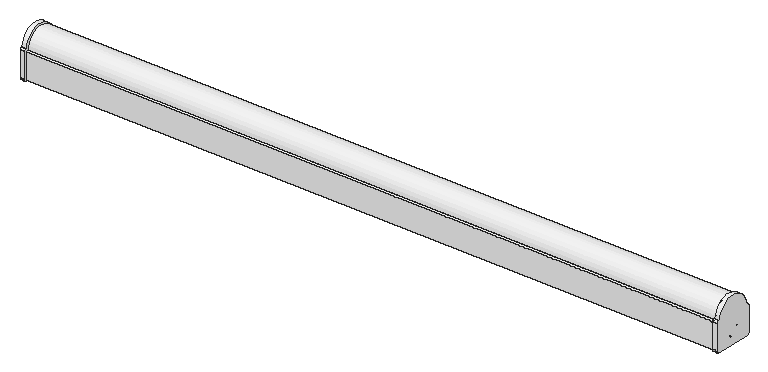
Revit family "0045190 Feilo Sylvania Lighting Fixture SYLBATTEN LED3 NW DALI TP5 ", category Lighting Fixtures, host Face, Revit 2017
Family settings
  Host = Face
  Round Connector Dimension = Use Diameter
  Part Type = Normal
  OmniClass Number = 23.80.70.00
  OmniClass Title = Lighting
  Cut with Voids When Loaded = No
  Light Source = Yes
  Shared = No
  Room Calculation Point = No
Parameters (values of type "0045190 SYLBATTEN LED3 NW DALI TP5")
  Width_FEILO = 66 mm
  Weight = "2.544 kg"
  Wattage Comments = "n/a"
  Wattage = 26 W
  WarrantyStartDate [instance] = "n/a"
  WarrantyGuarantorParts = "n/a"
  WarrantyDurationUnit = "n/a"
  WarrantyDurationParts = "n/a"
  WarrantyDescription = "n/a"
  built-in parameter 1150110 = 1 (stored number, unit not read)
  Voltage = 230 V
  URL = "http://www.sylvania-lighting.com"
  TypeName = "SYLBATTEN LED3 NW DALI TP5"
  Type Image = <None>
  Type Comments = "n/a"
  built-in parameter 1114217 = 1 (stored number, unit not read)
  Tilt Angle = -90.00°
  built-in parameter 1150109 = 1 (stored number, unit not read)
  built-in parameter 1150134 = 12
  SymReflector_FEILO = no
  built-in parameter 1150113 = 1 (stored number, unit not read)
  SerialNumber [instance] = "n/a"
  PowerFactor = 0
  PowerConsumption = "26 W"
  Photometric Web File = "0045190.ies"
  NominalLength = 1205 mm
  NominalHeight = 76 mm
  NominalDepth = 66 mm
  Name = "SYLBATTEN LED3 NW DALI TP5"
  ModelReference = Name  # "SYLBATTEN LED3 NW DALI TP5"
  ModelNumber = "0045190"
  Model = Name  # "SYLBATTEN LED3 NW DALI TP5"
  Material_4_FEILO = Reflector-Sylvania-Sylbatten-White
  Material_3_FEILO = Diffuser-Sylvania-Sylbatten-Glow
  Material_2_FEILO = Body-Sylvania-Sylbatten-White
  Material_1_FEILO = Body-Sylvania-Sylbatten-White
  Material = "sheet steel housing, polycarbonate diffuser"
  ManufacturerName = "Feilo Sylvania"
  Manufacturer = "Feilo Sylvania"
  LuminousEfficacy = "108.1 lm/W"
  built-in parameter 1150105 = 223.76 (stored number, unit not read)
  Lumens = 2811.9 lm
  LuminaireType = ""
  built-in parameter 1150115 = 1 (stored number, unit not read)
  LightOutputRatio = "100"
  built-in parameter 1150137 = (empty or 0)
  built-in parameter 1150139 = (empty or 0)
  Length_FEILO = 1205 mm
  LampsType = Lamp  # "LED"
  LampNominalLuminous = "2812 lm"
  LampMacAdamStep = "n/a"
  LampColourTemperature = "4000 K"
  LampColourRenderingIndex = "80"
  built-in parameter 1150112 = 1 (stored number, unit not read)
  built-in parameter 1150114 = 1 (stored number, unit not read)
  Lamp = "LED"
  Keynote = "16500"
  InstallationDate [instance] = "n/a"
  InputVoltage = "220-240V~"
  InputNominalFrequency = "n/a"
  built-in parameter 1150132 = (empty or 0)
  built-in parameter 1150102 = (empty or 0)
  built-in parameter 1150107 = 4000 (stored number, unit not read)
  built-in parameter 1150138 = (empty or 0)
  IngressProtection = "IP20"
  ImpactProtectionIndex = "IK07"
  built-in parameter 1150106 = 2.2376 (stored number, unit not read)
  IfcExportType = "IfcLightFixtureType"
  IfcExportAs = "IfcLightFixtureType"
  Height_FEILO = 76 mm
  ExpectedLife = 50000
  Emit from Rectangle Width = Length_FEILO - 16 mm  # 1189 mm
  Emit from Rectangle Length = Width_FEILO - 40 mm  # 26 mm
  Emit Shape Visible in Rendering = no
  ElectricShockClassification = "Class I"
  built-in parameter 1150104 = 10.047 (stored number, unit not read)
  DurationUnit = "hours"
  DocumentationLiterature = "http://www.sylvania-lighting.com/product/en-int/products/0045190"
  DimmingControlOptions = "Dimmable"
  Dimming Lamp Color Temperature Shift = <None>
  Description = "LED batten, T8 replacement, ease of installation through 2 part push-in design of the housing (safety cable included), through wiring capability (TP5 = 5 core), sheet steel, 2812LM, 26W, 108lm/W, 4000K, drive current: 350mA, CRI 80, 138° wide beam angle, DALI dimmable, IP20, IK07, 50,000 hrs (L70), (LxWxH) 1205x66x76mm, 5 step MacAdam ellipse, 3kg, white RAL 9016, Class 1, 220-240V, energy class: A++, A+, A."
  Default Elevation = 1219.2 mm
  CreatedOn = "2/22/2018"
  CreatedBy = ""
  Cost = 0
  Color Filter = 16777215
  built-in parameter 1114216 [instance] = (empty or 0)
  ClassificationValue = "EF_70_80"
  ClassificationName = "Uniclass2015"
  CapOffset_FEILO = 2 mm
  BarCode [instance] = "n/a"
  built-in parameter 1114218 = 1 (stored number, unit not read)
  BackReflector_FEILO = and(not(AsymReflector_FEILO), SymReflector_FEILO)  # no
  built-in parameter 1150133 = 10 (stored number, unit not read)
  FrontReflector_FEILO = or(AsymReflector_FEILO, SymReflector_FEILO)  # no
  AsymReflector_FEILO = no
  AssetType = "Fixed"
  AssetIdentifier [instance] = "n/a"
  Assembly Code = "D5020200"
  Apparent Load = 26 VA
Reference planes
  plane 1 "Center (Front/Back)": y = 0
  plane 2: z = 0
  plane 3 "Center (Left/Right)": x = 0
  plane 4: x = 602.5
  plane 5: x = -602.5
  plane 6: y = 33
  plane 7: y = -33
  plane 8: z = 76
  plane 9: z = 47
  plane 10: y = -29
  plane 11: y = 29
  plane 12: z = 20
  plane 13: z = 74
  plane 14: y = -31
  plane 15: y = -27
  plane 16: y = 27
  plane 17: y = 31
  plane 18: z = 2
  plane 19: x = -594.5
  plane 20: x = 594.5
  plane 21: z = 49
  plane 22: y = 1
  plane 23: y = -1
  plane 24: z = 21
  plane 25: z = 19
  plane 26: y = -61
  plane 27: y = 61
  plane 28: y = -56
  plane 29: y = 56
  plane 30: z = 91
  plane 31: z = 88
Forms (mm)
  Extrusion 1, solid, material "Body-Sylvania-Sylbatten-White" <- "Material_2_FEILO"
    sketch origin (0, 0, 0) x (0, 1, 0) y (0, 0, 1)
      loop
        line (-31, 2) -> (31, 2) -> (31, 45)
        arc (31, 45) -> (30.414, 46.414) -> (29, 47) r 2
        line (29, 47) -> (27, 47)
        arc (27, 47) -> (0, 74) -> (-27, 47) r 27
        line (-27, 47) -> (-29, 47)
        arc (-29, 47) -> (-30.414, 46.414) -> (-31, 45) r 2
        line (-31, 45) -> (-31, 2)
    from -594.5 to 594.5
  Extrusion 2, solid, material "Body-Sylvania-Sylbatten-White" <- "Material_2_FEILO"
    sketch origin (602.5, 1524, 1219.2) x (0, 1, 0) y (0, 0, 1)
      loop
        arc (-1494, -1219.2) -> (-1491.879, -1218.321) -> (-1491, -1216.2) r 3
        line (-1491, -1216.2) -> (-1491, -1173.2)
        arc (-1491, -1173.2) -> (-1491.879, -1171.079) -> (-1494, -1170.2) r 3
        line (-1494, -1170.2) -> (-1495.069, -1170.2)
        arc (-1495.069, -1170.2) -> (-1524, -1143.2) -> (-1552.931, -1170.2) r 29
        line (-1552.931, -1170.2) -> (-1554, -1170.2)
        arc (-1554, -1170.2) -> (-1556.121, -1171.079) -> (-1557, -1173.2) r 3
        line (-1557, -1173.2) -> (-1557, -1216.2)
        arc (-1557, -1216.2) -> (-1556.121, -1218.321) -> (-1554, -1219.2) r 3
        line (-1554, -1219.2) -> (-1494, -1219.2)
      loop
        arc (-1525, -1189.25) -> (-1531.071, -1192.129) -> (-1533.95, -1198.2) r 10
        line (-1533.95, -1198.2) -> (-1532.944, -1198.2)
        arc (-1532.944, -1198.2) -> (-1530.364, -1192.836) -> (-1525, -1190.256) r 9
        line (-1525, -1190.256) -> (-1525, -1189.25)
      loop
        arc (-1523, -1190.256) -> (-1517.636, -1192.836) -> (-1515.056, -1198.2) r 9
        line (-1515.056, -1198.2) -> (-1514.05, -1198.2)
        arc (-1514.05, -1198.2) -> (-1516.929, -1192.129) -> (-1523, -1189.25) r 10
        line (-1523, -1189.25) -> (-1523, -1190.256)
      loop
        line (-1532.944, -1200.2) -> (-1533.95, -1200.2)
        arc (-1533.95, -1200.2) -> (-1531.071, -1206.271) -> (-1525, -1209.15) r 10
        line (-1525, -1209.15) -> (-1525, -1208.144)
        arc (-1525, -1208.144) -> (-1530.364, -1205.564) -> (-1532.944, -1200.2) r 9
      loop
        arc (-1515.056, -1200.2) -> (-1517.636, -1205.564) -> (-1523, -1208.144) r 9
        line (-1523, -1208.144) -> (-1523, -1209.15)
        arc (-1523, -1209.15) -> (-1516.929, -1206.271) -> (-1514.05, -1200.2) r 10
        line (-1514.05, -1200.2) -> (-1515.056, -1200.2)
    from 0 to -8
  Extrusion 3, solid, material "Body-Sylvania-Sylbatten-White" <- "Material_2_FEILO"
    sketch origin (-602.5, 1524, 1219.2) x (0, 1, 0) y (0, 0, 1)
      loop
        arc (-1495.069, -1170.2) -> (-1524, -1143.2) -> (-1552.931, -1170.2) r 29
        line (-1552.931, -1170.2) -> (-1554, -1170.2)
        arc (-1554, -1170.2) -> (-1556.121, -1171.079) -> (-1557, -1173.2) r 3
        line (-1557, -1173.2) -> (-1557, -1216.2)
        arc (-1557, -1216.2) -> (-1556.121, -1218.321) -> (-1554, -1219.2) r 3
        line (-1554, -1219.2) -> (-1494, -1219.2)
        arc (-1494, -1219.2) -> (-1491.879, -1218.321) -> (-1491, -1216.2) r 3
        line (-1491, -1216.2) -> (-1491, -1173.2)
        arc (-1491, -1173.2) -> (-1491.879, -1171.079) -> (-1494, -1170.2) r 3
        line (-1494, -1170.2) -> (-1495.069, -1170.2)
      loop
        line (-1533.95, -1198.2) -> (-1532.944, -1198.2)
        arc (-1532.944, -1198.2) -> (-1530.364, -1192.836) -> (-1525, -1190.256) r 9
        line (-1525, -1190.256) -> (-1525, -1189.25)
        arc (-1525, -1189.25) -> (-1531.071, -1192.129) -> (-1533.95, -1198.2) r 10
      loop
        line (-1523, -1189.25) -> (-1523, -1190.256)
        arc (-1523, -1190.256) -> (-1517.636, -1192.836) -> (-1515.056, -1198.2) r 9
        line (-1515.056, -1198.2) -> (-1514.05, -1198.2)
        arc (-1514.05, -1198.2) -> (-1516.929, -1192.129) -> (-1523, -1189.25) r 10
      loop
        line (-1514.05, -1200.2) -> (-1515.056, -1200.2)
        arc (-1515.056, -1200.2) -> (-1517.636, -1205.564) -> (-1523, -1208.144) r 9
        line (-1523, -1208.144) -> (-1523, -1209.15)
        arc (-1523, -1209.15) -> (-1516.929, -1206.271) -> (-1514.05, -1200.2) r 10
      loop
        line (-1525, -1209.15) -> (-1525, -1208.144)
        arc (-1525, -1208.144) -> (-1530.364, -1205.564) -> (-1532.944, -1200.2) r 9
        line (-1532.944, -1200.2) -> (-1533.95, -1200.2)
        arc (-1533.95, -1200.2) -> (-1531.071, -1206.271) -> (-1525, -1209.15) r 10
    from 0 to 8
  Extrusion 4, solid, material "Reflector-Sylvania-Sylbatten-White" <- "Material_4_FEILO", visible <- "FrontReflector_FEILO"
    sketch origin (0, 0, 0) x (0, 1, 0) y (0, 0, 1)
      loop
        line (-61.257, 88.429) -> (-60.743, 87.571) -> (-56.621, 90.044)
        arc (-56.621, 90.044) -> (-56.237, 90.099) -> (-55.929, 89.863) r 0.5
        line (-55.929, 89.863) -> (-31.435, 46.753) -> (-30.565, 47.247) -> (-55.312, 90.802)
        arc (-55.312, 90.802) -> (-55.928, 91.275) -> (-56.696, 91.165) r 1
        line (-56.696, 91.165) -> (-61.257, 88.429)
    from -594.5 to 594.5
  Extrusion 5, solid, material "Reflector-Sylvania-Sylbatten-White" <- "Material_4_FEILO", visible <- "BackReflector_FEILO"
    sketch origin (0, 0, 0) x (0, 1, 0) y (0, 0, 1)
      loop
        line (30.565, 47.247) -> (31.435, 46.753) -> (55.932, 89.868)
        arc (55.932, 89.868) -> (56.245, 90.112) -> (56.638, 90.062) r 0.518
        line (56.638, 90.062) -> (61.033, 87.565) -> (61.527, 88.435) -> (56.682, 91.188)
        arc (56.682, 91.188) -> (55.922, 91.282) -> (55.318, 90.812) r 1
        line (55.318, 90.812) -> (30.565, 47.247)
    from -594.5 to 594.5
Lines and regions (mm)
  reference lines
    curve 1: line (0, -61, 88) -> (0, -56, 91)
    curve 2: line (0, -56, 91) -> (0, -31, 47)
    curve 3: line (0, 31, 47) -> (0, 56, 91)
    curve 4: line (0, 56, 91) -> (0, 61.28, 88)
Dimensions and locks
  equal spacing: plane 5, plane 3 "Center (Left/Right)", plane 4
  equal spacing: plane 7, plane 1 "Center (Front/Back)", plane 6
  "Width_FEILO": plane 7 to plane 6
  "Length_FEILO": plane 5 to plane 4
  "Height_FEILO": plane 8 to plane 2
  locked: plane 9 to plane 8 at 29
  equal spacing: plane 10, plane 1 "Center (Front/Back)", plane 11
  locked: plane 7 to plane 10 at 4
  locked: plane 12 to plane 2 at 20
  "CapOffset_FEILO": plane 13 to plane 8
  "CapOffset_FEILO": plane 7 to plane 14
  "CapOffset_FEILO": plane 10 to plane 15
  "CapOffset_FEILO": plane 17 to plane 6
  "CapOffset_FEILO": plane 16 to plane 11
  "CapOffset_FEILO": plane 18 to plane 2
  locked: plane 14 to Extrusion 1 sketch curve at 2
  locked: Extrusion 1 sketch curve to plane 9 at 2  (x2)
  locked: plane 16 to Extrusion 1 sketch curve at 2
  equal spacing: plane 19, plane 3 "Center (Left/Right)", plane 20
  locked: plane 5 to plane 19 at 8
  "CapOffset_FEILO": plane 9 to plane 21
  locked: Extrusion 2 sketch curve to plane 2 at 47
  locked: Extrusion 1 sketch curve to plane 2 at 47
  locked: Extrusion 2 sketch curve to plane 2 at 3  (x2)
  locked: plane 7 to Extrusion 2 sketch curve at 3  (x2)
  locked: Extrusion 2 sketch curve to plane 6 at 3  (x2)
  locked: Extrusion 2 sketch curve to plane 21 at 3  (x2)
  equal spacing: plane 23, plane 1 "Center (Front/Back)", plane 22
  equal spacing: plane 25, plane 12, plane 24
  plane 30 to plane 31 to plane 2 = 3 mm locked, 88 mm locked
  plane 28 to plane 29 = 112 mm
  plane 26 to plane 27 = 122 mm
  aligned and locked: plane 2 to host face
  aligned and locked: level to host face
  aligned and locked: plane 18 to Extrusion 1 sketch curve
  aligned and locked: plane 14 to Extrusion 1 sketch curve
  aligned and locked: Extrusion 1 sketch curve to plane 9  (x2)
  aligned and locked: Extrusion 1 sketch curve to plane 17
  aligned and locked: plane 15 to Extrusion 1 sketch curve
  aligned and locked: plane 16 to Extrusion 1 sketch curve
  aligned and locked: plane 9 to Extrusion 1 sketch curve
  aligned and locked: plane 20 to Extrusion 1
  aligned and locked: level to Extrusion 2 sketch curve
  aligned and locked: Extrusion 2 sketch curve to plane 7
  aligned and locked: plane 21 to Extrusion 2 sketch curve
  aligned and locked: Extrusion 2 sketch curve to plane 21
  aligned and locked: plane 1 "Center (Front/Back)" to Extrusion 2 sketch curve  (x3)
  aligned and locked: Extrusion 2 to Extrusion 1
  aligned and locked: plane 4 to Extrusion 2
  aligned and locked: plane 12 to Extrusion 2 sketch curve  (x2)
  aligned and locked: Extrusion 2 sketch curve to plane 22
  aligned and locked: Extrusion 2 sketch curve to plane 23
  aligned and locked: Extrusion 2 sketch curve to plane 24
  aligned and locked: Extrusion 2 sketch curve to plane 25
  aligned and locked: plane 25 to Extrusion 2 sketch curve
  aligned and locked: plane 22 to Extrusion 2 sketch curve
  aligned and locked: plane 24 to Extrusion 2 sketch curve
  aligned and locked: plane 23 to Extrusion 2 sketch curve  (x2)
  aligned and locked: Extrusion 3 sketch curve to Extrusion 2  (x22)
  aligned and locked: Extrusion 3 to Extrusion 1
  aligned and locked: Extrusion 3 to plane 5
  aligned and locked: plane 19 to Extrusion 3
  aligned and locked: plane 31 to curve 1
  aligned and locked: plane 30 to curve 1
  aligned and locked: plane 14 to curve 2
  aligned and locked: plane 9 to curve 2
  aligned and locked: plane 17 to curve 3
  aligned and locked: plane 30 to curve 3
  aligned and locked: plane 31 to curve 4
  aligned and locked: Extrusion 4 sketch curve to curve 2
  aligned and locked: Extrusion 4 sketch curve to curve 1
  aligned and locked: Extrusion 4 to Extrusion 1
  aligned and locked: Extrusion 1 to Extrusion 4
  aligned and locked: imposter light to plane 1 "Center (Front/Back)"
  aligned and locked: imposter light to plane 3 "Center (Left/Right)"
  aligned and locked: imposter light to plane 13
  aligned and locked: Extrusion 5 sketch curve to curve 4
  aligned and locked: Extrusion 5 sketch curve to curve 3
  aligned and locked: Extrusion 1 to Extrusion 5
  aligned and locked: Extrusion 5 to Extrusion 1
Automatic sketch dimensions
  host sketch curve to host sketch curve = 2438.4 mm  (x2)
  Extrusion 2 sketch curve to Extrusion 2 sketch curve = 0 mm  (x14)
  Extrusion 2 sketch curve to plane 10 = 0.069 mm
  plane 23 to Extrusion 2 sketch curve = 8.95 mm
  Extrusion 2 sketch curve to Extrusion 2 sketch curve = 1.006 mm  (x4)
  Extrusion 2 sketch curve to plane 22 = 7.944 mm
  curve 1 to plane 26 = 0 mm
  curve 2 to plane 28 = 0 mm
  curve 4 to plane 29 = 0 mm
  plane 9 to curve 3 = 0 mm
  plane 26 to Extrusion 4 sketch curve = 0.257 mm
  Extrusion 4 sketch curve to plane 26 = 0.257 mm
  Extrusion 4 sketch curve to plane 30 = 0.165 mm
  plane 28 to Extrusion 4 sketch curve = 0.696 mm
  plane 28 to Extrusion 4 sketch curve = 0.621 mm
  plane 28 to Extrusion 4 sketch curve = 0.364 mm
  plane 28 to Extrusion 4 sketch curve = 0.182 mm
  Extrusion 4 sketch curve to plane 28 = 0.071 mm
  plane 30 to Extrusion 4 sketch curve = 0.198 mm
  Extrusion 4 sketch curve to plane 28 = 0.688 mm
  plane 9 to Extrusion 4 sketch curve = 0.247 mm
  plane 1 "Center (Front/Back)" to Extrusion 4 sketch curve = 31.435 mm
  Extrusion 5 sketch curve to plane 9 = 0.247 mm
  Extrusion 5 sketch curve to plane 1 "Center (Front/Back)" = 30.565 mm
  plane 9 to Extrusion 5 sketch curve = 0.247 mm
  plane 30 to Extrusion 5 sketch curve = 0.188 mm
  plane 29 to Extrusion 5 sketch curve = 0.068 mm
  Extrusion 5 sketch curve to plane 29 = 0.188 mm
  Extrusion 5 sketch curve to plane 29 = 0.382 mm
  Extrusion 5 sketch curve to Extrusion 5 sketch curve = 0.256 mm
  Extrusion 5 sketch curve to plane 30 = 0.188 mm
  Extrusion 5 sketch curve to plane 29 = 0.682 mm
  Extrusion 5 sketch curve to plane 27 = 0.033 mm
  Extrusion 5 sketch curve to plane 27 = 0.527 mm
Connectors
  electrical at (0, 0, 0), driven by "Apparent Load", driven by "PowerFactor", driven by "Voltage"
    settings: index 1, voltage 230 V, apparent load 26 VA, apparent load phase1 0 VA, apparent load phase2 0 VA, apparent load phase3 0 VA, power factor 0, load classification "Lighting", number of poles 1, system type 30, power factor state 1, is connector primary yes, connector utility no, sub classification motor no, connector description ""
